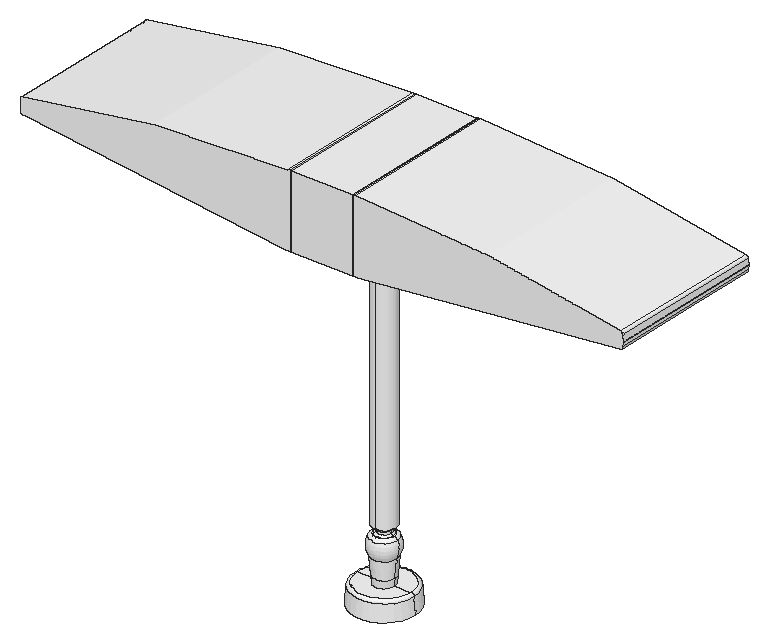
Revit family "Pendant CLED10-13", category Lighting Fixtures, host Face, Revit 2014
Parameters (values of type "PLED10 - Cool")
  Wattage Comments = "0"
  Voltage = 0 V
  Vertical Field Angle Degrees = 0
  Vertical Beam Angle Degrees = 0
  Uniformat II Description = "Default - Load Type Catalog"
  Uniformat II (Assembly Code) = "Default - Load Type Catalog"
  URL Alternate 2 = "www.rabweb.com"
  URL Alternate 1 = "www.rabweb.com"
  URL = "www.rabled.com"
  UL / ULC Listing = "Default - Load Type Catalog"
  Type Mounting - Location [instance] = "Fixture Location Notes"
  Type Mark [instance] = "Mark as to Fixture Type"
  Type Comments = "Default - Load Type Catalog"
  Total Lumnaire Efficiency = "Default - Load Type Catalog"
  THD = "Default - Load Type Catalog"
  Swappable Fixture [instance] = PLED10 : PLED10
  Surge Protection kV = 0 V
  Starting Amps = 0 A
  Spacing Criteria Diagonal = 0
  Spacing Criteria 90-270 = 0
  Spacing Criteria 0-180 = 0
  Source = "Default - Load Type Catalog"
  Right Fixture Twist [instance] = if(FLIP Right Fixture, 270.00°, 90.00°)  # 90.00°
  RAB Ballast / Driver ID = "Default - Load Type Catalog"
  Product Model Number = "Default - Load Type Catalog"
  Product Line = "Default - Load Type Catalog"
  Product Description = "Default - Load Type Catalog"
  Photometric File Name = "Default - Load Type Catalog"
  Operating Amps = 0 A
  OmniClass Code [instance] = "Default - Load Type Catalog"
  OmciClass Description [instance] = "Default - Load Type Catalog"
  Number of Drivers = "Default - Load Type Catalog"
  Nominal Wattage = 0 W
  Nominal Color Temperature = 0 K
  NEMA Type = "Default - Load Type Catalog"
  Mounting Configuration = "Default - Load Type Catalog"
  Model = Product Model Number  # "Default - Load Type Catalog"
  Min Starting Temp = -40 °F
  Mean Source Lumens or L70 Point = 0 lm
  Max Ambient Temp = 104 °F
  Masterformat 2004 Divison of Work = "Default - Load Type Catalog"
  Master Foramt 2004 (Keynote) = "Default - Load Type Catalog"
  Manufacturer = "RAB Lighting, Inc."
  Luminious Aperture Appearance = Glass-RAB Lighting-LED ON
  Luminiare Efficacy Rating LER = 0 lm/W
  Lumens per Watt = 0 lm/W
  Longitudinal Classification = "Default - Load Type Catalog"
  Lensing / Control Media = "Default - Load Type Catalog"
  Left Fixture Twist [instance] = if(FLIP Left Fixture, 270.00°, 90.00°)  # 90.00°
  Lamp Envelop = "Default - Load Type Catalog"
  Lamp Base = "Default - Load Type Catalog"
  Lamp = Source  # "Default - Load Type Catalog"
  Keynote = "Division 26"
  Input Wattage = 0 W
  Initial Source Lumens = 0 lm
  IP Rating = "Default - Load Type Catalog"
  IES Classification = "Default - Load Type Catalog"
  Horizontial Field Angle Degrees = 0
  Horizontal Beam Angle Degrees = 0
  Glass = none
  Fixture Weight lbs. = "Default - Load Type Catalog"
  Fixture Finish = Metal-RAB Lighting-Aluminum-White
  Fixture EPA Rating = "Default - Load Type Catalog"
  FLIP Right Fixture [instance] = no
  FLIP Left Fixture [instance] = no
  built-in parameter 1114216 [instance] = (empty or 0)
  Apparent Load = Operating Amps * Voltage  # 0 VA
  Fixture Arm Length [instance] = 1' - 0"
  Field Efficiency = "Default - Load Type Catalog"
  Description = Product Description  # "Default - Load Type Catalog"
  Default Elevation = 1' - 0"
  Data Datecode = "Date Revit Family Type was Created"
  Cutoff Classification = "Default - Load Type Catalog"
  Cost = 0
  Connector Description = "Default - Load Type Catalog"
  CRI a = "Default - Load Type Catalog"
  CRI 9 = "Default - Load Type Catalog"
  CIE Type = "Default - Load Type Catalog"
  Bolt Circle = "Default - Load Type Catalog"
  Beam Efficiency % = "Default - Load Type Catalog"
  Base Configuration = "Default - Load Type Catalog"
  Ballast ID / ANSI Spec = "Default - Load Type Catalog"
  Ballast Factor = 0
  Ballast / Driver Circuit = "Default - Load Type Catalog"
  BUG Rating = "Default - Load Type Catalog"
  Avg Rated Life - TM21 Life Expectancy = "Default - Load Type Catalog"
  Assembly Code = "D5020200"
  Anchor Bolts = "Default - Load Type Catalog"
  Absolute Color Temperature = 0 K
  ANSI Lamp Spec = "Default - Load Type Catalog"
Types (6): name | Swappable Fixture | Right Fixture Twist | Left Fixture Twist | FLIP Right Fixture | FLIP Left Fixture | Fixture Arm Length | Default Elevation
  (no name) | PLED10 : PLED10 | 90.00° | 90.00° | no | no | 1' - 0" | 1' - 0"
  PLED10 - Cool | PLED10 : PLED10 | 90.00° | 90.00° | no | no | 1' - 0" | 1' - 0"
  PLED10Y - Warm | PLED10Y : PLED10Y | 270.00° | 270.00° | yes | yes | 0' - 6" | 0' - 0"
  PLED13 | PLED13 : PLED13 | 270.00° | 270.00° | yes | yes | 0' - 6" | 0' - 0"
  PLED13N | PLED13N : PLED13N | 270.00° | 270.00° | yes | yes | 0' - 6" | 0' - 0"
  PLED13Y | PLED13Y : PLED13Y | 270.00° | 270.00° | yes | yes | 0' - 6" | 0' - 0"
Reference planes (in)
  plane 1 "Center (Front/Back)": y = 0
  plane 2 "mount base level": z = 0
  plane 3 "Center (Left/Right)": x = 0
  plane 4 "Arm base level": z = 0.6
  plane 5 "Connection Height start": z = 2.26963
  plane 6 "Fixture connection": z = 12
  plane 7 "Left Fixture Twist": x = -1.00013
  plane 8 "Right Fixture Twist": x = 0.99987
  plane 9: y = 2.5
  plane 10: y = -2.5
  plane 11: y = 4.75
  plane 12: y = -4.75
  plane 13: y = 4.5
  plane 14: y = -4.5
Forms (in)
  Extrusion 1, solid, material "Metal-RAB Lighting-Aluminum-White" <- "Fixture Finish"
    sketch origin (0, 0, 2.26963) x (0, -1, 0) y (1, 0, 0)
      loop
        circle (0, 0) r 0.3543
    from 0 to 8.55755
  Revolve 2, solid, material "Metal-RAB Lighting-Aluminum-White" <- "Fixture Finish"
    sketch origin (0, 0, 0) x (1, 0, 0) y (0, 0, 1)
      loop
        line (-0.95562, 0.50872) -> (-1.00013, 0) -> (0, 0) -> (0, 2.26963) -> (-0.35433, 2.26963) -> (-0.21654, 2.16639) -> (-0.21654, 2.08637)
        arc (-0.21654, 2.08637) -> (-0.24589, 2.0565) -> (-0.27116, 2.02311) r 0.32486
        line (-0.27116, 2.02311) -> (-0.32432, 2.02311)
        arc (-0.32432, 2.02311) -> (-0.38144, 1.98631) -> (-0.419, 1.92969) r 0.16586
        arc (-0.419, 1.92969) -> (-0.4667, 1.6613) -> (-0.38506, 1.40121) r 0.57334
        line (-0.38506, 1.40121) -> (-0.34501, 0.83247) -> (-0.32469, 0.6) -> (-0.856, 0.6)
        arc (-0.856, 0.6) -> (-0.92356, 0.57373) -> (-0.95562, 0.50872) r 0.1
      axis (0, 2.26963) -> (0, 0)
    angle from 0 to 360
  Extrusion 3, solid, material "Metal-RAB Lighting-Aluminum-White" <- "Fixture Finish"
    sketch origin (17.86239, -180, 12) x (0, -1, 0) y (-1, 0, 0)
      loop
        line (-182.5, 18.86252) -> (-182.5, 16.86252) -> (-177.5, 16.86252) -> (-177.5, 18.86252) -> (-182.5, 18.86252)
    from 1.17282 to -1.1521
  Extrusion 4, solid, material "Metal-RAB Lighting-Aluminum-White" <- "Fixture Finish", not visible
    sketch origin (0, 0, 2.26963) x (0, -1, 0) y (1, 0, 0)
      loop
        circle (0, 0) r 0.3543
    from 0 to 8.55755
  Revolve 5, solid, material "Metal-RAB Lighting-Aluminum-White" <- "Fixture Finish", not visible
    sketch origin (0, 0, 0) x (1, 0, 0) y (0, 0, 1)
      loop
        line (-0.95562, 0.50872) -> (-1.00013, 0) -> (0, 0) -> (0, 2.26963) -> (-0.35433, 2.26963) -> (-0.21654, 2.16639) -> (-0.21654, 2.08637)
        arc (-0.21654, 2.08637) -> (-0.24589, 2.0565) -> (-0.27116, 2.02311) r 0.32486
        line (-0.27116, 2.02311) -> (-0.32432, 2.02311)
        arc (-0.32432, 2.02311) -> (-0.38144, 1.98631) -> (-0.419, 1.92969) r 0.16586
        arc (-0.419, 1.92969) -> (-0.4667, 1.6613) -> (-0.38506, 1.40121) r 0.57334
        line (-0.38506, 1.40121) -> (-0.34501, 0.83247) -> (-0.32469, 0.6) -> (-0.856, 0.6)
        arc (-0.856, 0.6) -> (-0.92356, 0.57373) -> (-0.95562, 0.50872) r 0.1
      axis (0, 2.26963) -> (0, 0)
    angle from 0 to 360
  Extrusion 6, solid, material "Metal-RAB Lighting-Aluminum-White" <- "Fixture Finish", not visible
    sketch origin (17.86239, -180, 12) x (0, -1, 0) y (-1, 0, 0)
      loop
        line (-182.5, 18.86252) -> (-182.5, 16.86252) -> (-177.5, 16.86252) -> (-177.5, 18.86252) -> (-182.5, 18.86252)
    from 1.17282 to -1.1521
Dimensions and locks (in)
  "Fixture Arm Length": plane 6 "Fixture connection" to plane 2 "mount base level"
  plane 5 "Connection Height start" to plane 4 "Arm base level" to plane 2 "mount base level" = 0' - 1.66963" locked, 0' - 0.6" locked
  "Right Fixture Twist": angle nested 1 to plane 1 "Center (Front/Back)"
  "Right Fixture Twist": angle nested 4 to plane 1 "Center (Front/Back)"
  aligned and locked: plane 2 "mount base level" to host face
  aligned and locked: level to host face
  aligned and locked: plane 5 "Connection Height start" to Extrusion 1
  aligned and locked: Extrusion 1 to Extrusion 3
Automatic sketch dimensions
  host sketch curve to host sketch curve = 0' - 5.00175"
  host sketch curve to host sketch curve = 0' - 5"
  Revolve 2 sketch curve to Revolve 2 sketch curve = 0' - 0.09962"
  Revolve 2 sketch curve to Revolve 2 sketch curve = 0' - 0.35433"
  Revolve 2 sketch curve to Revolve 2 sketch curve = 0' - 0.02032"
  Revolve 2 sketch curve to Revolve 2 sketch curve = 0' - 0.03001"
  Revolve 2 sketch curve to Revolve 2 sketch curve = 0' - 0.05316"
  Revolve 2 sketch curve to Revolve 2 sketch curve = 0' - 0.00621"
  Revolve 2 sketch curve to Revolve 2 sketch curve = 0' - 0.05462"
  Revolve 2 sketch curve to Revolve 2 sketch curve = 0' - 0.1"
  Revolve 2 sketch curve to Revolve 2 sketch curve = 0' - 0.56874"
  Revolve 2 sketch curve to Revolve 2 sketch curve = 0' - 0.46834"
  Revolve 2 sketch curve to Revolve 2 sketch curve = 0' - 0.14615"
  Revolve 2 sketch curve to Revolve 2 sketch curve = 0' - 0.02404"
  Revolve 2 sketch curve to Revolve 2 sketch curve = 0' - 0.15487"
  Revolve 2 sketch curve to Revolve 2 sketch curve = 0' - 0.1065"
  Revolve 2 sketch curve to Revolve 2 sketch curve = 0' - 0 1/4"
  Revolve 2 sketch curve to Revolve 2 sketch curve = 0' - 0.04451"
  Revolve 2 sketch curve to Revolve 2 sketch curve = 0' - 0.47094"
  Revolve 2 sketch curve to Revolve 2 sketch curve = 0' - 0.03073"
  Revolve 2 sketch curve to Revolve 2 sketch curve = 0' - 0.51099"
  Revolve 2 sketch curve to Revolve 2 sketch curve = 0' - 0.26495"
  Revolve 2 sketch curve to Revolve 2 sketch curve = 0' - 0 27/256"
  Revolve 2 sketch curve to Revolve 2 sketch curve = 0' - 0 1/2"
  Revolve 2 sketch curve to Revolve 2 sketch curve = 0' - 0.23247"
  Revolve 2 sketch curve to Revolve 2 sketch curve = 0' - 0.29684"
  Revolve 2 sketch curve to Revolve 2 sketch curve = 0' - 0.10324"
  Revolve 2 sketch curve to Revolve 2 sketch curve = 0' - 0"
  Extrusion 3 sketch curve to Extrusion 3 sketch curve = 0' - 5"
  Extrusion 3 sketch curve to Extrusion 3 sketch curve = 0' - 2"
  Revolve 5 sketch curve to Revolve 5 sketch curve = 0' - 0.09962"
  Revolve 5 sketch curve to Revolve 5 sketch curve = 0' - 0.35433"
  Revolve 5 sketch curve to Revolve 5 sketch curve = 0' - 0.02032"
  Revolve 5 sketch curve to Revolve 5 sketch curve = 0' - 0.03001"
  Revolve 5 sketch curve to Revolve 5 sketch curve = 0' - 0.05316"
  Revolve 5 sketch curve to Revolve 5 sketch curve = 0' - 0.00621"
  Revolve 5 sketch curve to Revolve 5 sketch curve = 0' - 0.05462"
  Revolve 5 sketch curve to Revolve 5 sketch curve = 0' - 0.1"
  Revolve 5 sketch curve to Revolve 5 sketch curve = 0' - 0.56874"
  Revolve 5 sketch curve to Revolve 5 sketch curve = 0' - 0.46834"
  Revolve 5 sketch curve to Revolve 5 sketch curve = 0' - 0.14615"
  Revolve 5 sketch curve to Revolve 5 sketch curve = 0' - 0.02404"
  Revolve 5 sketch curve to Revolve 5 sketch curve = 0' - 0.15487"
  Revolve 5 sketch curve to Revolve 5 sketch curve = 0' - 0.1065"
  Revolve 5 sketch curve to Revolve 5 sketch curve = 0' - 0 1/4"
  Revolve 5 sketch curve to Revolve 5 sketch curve = 0' - 0.04451"
  Revolve 5 sketch curve to Revolve 5 sketch curve = 0' - 0.47094"
  Revolve 5 sketch curve to Revolve 5 sketch curve = 0' - 0.03073"
  Revolve 5 sketch curve to Revolve 5 sketch curve = 0' - 0.51099"
  Revolve 5 sketch curve to Revolve 5 sketch curve = 0' - 0.26495"
  Revolve 5 sketch curve to Revolve 5 sketch curve = 0' - 0 27/256"
  Revolve 5 sketch curve to Revolve 5 sketch curve = 0' - 0 1/2"
  Revolve 5 sketch curve to Revolve 5 sketch curve = 0' - 0.23247"
  Revolve 5 sketch curve to Revolve 5 sketch curve = 0' - 0.29684"
  Revolve 5 sketch curve to Revolve 5 sketch curve = 0' - 0.10324"
  Revolve 5 sketch curve to Revolve 5 sketch curve = 0' - 0"
  Extrusion 6 sketch curve to Extrusion 6 sketch curve = 0' - 5"
  Extrusion 6 sketch curve to Extrusion 6 sketch curve = 0' - 2"
  plane 1 "Center (Front/Back)" to Extrusion 1 sketch curve = 0' - 0"
  Extrusion 1 sketch curve to plane 3 "Center (Left/Right)" = 0' - 0"
  Revolve 2 sketch curve to level = 0' - 0"
  plane 7 "Left Fixture Twist" to Revolve 2 sketch curve = 0' - 0"
  Extrusion 3 sketch curve to plane 8 "Right Fixture Twist" = 0' - 0"
  plane 9 to Extrusion 3 sketch curve = 0' - 0"
  radius of Extrusion 1 sketch curve = 0' - 0.3543"
  radius of Extrusion 4 sketch curve = 0' - 0.3543"
Nested families (in)
  nested 1: "PLED10" at (0.99987, 0, 12.01036) x (0, 0, -1) z (1, 0, 0), type <- "Swappable Fixture", built-in parameter 1001360 <- "Fixture Arm Length", type "PLED10"
    with Type Mounting - Location "Fixture Location Notes", Type Mark "Mark as to Fixture Type", OmniClass Code "Default - Load Type Catalog", OmciClass Description "Default - Load Type Catalog", Max Pole Load Rating "Default - Load Type Catalog"
  nested 2: "PLED10" at (0.99987, 0, 12.01036) x (0, 0, -1) z (1, 0, 0), type <- "Swappable Fixture", built-in parameter 1001360 <- "Fixture Arm Length", type "PLED10", not visible
    with Type Mounting - Location "Fixture Location Notes", Type Mark "Mark as to Fixture Type", OmniClass Code "Default - Load Type Catalog", OmciClass Description "Default - Load Type Catalog", Max Pole Load Rating "Default - Load Type Catalog", built-in parameter 1114216 (empty or 0)
  nested 3: "PLED10" at (-1.00013, 0, 12.00997) x (0, 0, -1) z (-1, 0, 0), type "PLED10", not visible
    with Type Mounting - Location "Fixture Location Notes", Type Mark "Mark as to Fixture Type", OmniClass Code "Default - Load Type Catalog", OmciClass Description "Default - Load Type Catalog", Max Pole Load Rating "Default - Load Type Catalog", built-in parameter 1114216 (empty or 0)
  nested 4: "PLED10" at (-1.00013, 0.00006, 12.01036) x (0, 0, -1) z (-1, 0, 0), built-in parameter 1001360 <- "Fixture Arm Length", type <- "Swappable Fixture", type "PLED10"
    with Type Mounting - Location "Fixture Location Notes", Type Mark "Mark as to Fixture Type", OmniClass Code "Default - Load Type Catalog", OmciClass Description "Default - Load Type Catalog", Max Pole Load Rating "Default - Load Type Catalog", built-in parameter 1114216 (empty or 0)
Definition of nested family "PLED10"
  Parameters (values of type "PLED10")
    Wattage Comments = "0"
    Wattage = 25.7 W
    built-in parameter 1150110 = 1 (stored number, unit not read)
    Voltage = 0 V
    Vertical Field Angle Degrees = 0
    Vertical Beam Angle Degrees = 0
    Uniformat II Description = "Default - Load Type Catalog"
    Uniformat II (Assembly Code) = "Default - Load Type Catalog"
    URL Alternate 2 = "www.rabweb.com"
    URL Alternate 1 = "www.rabweb.com"
    URL = "www.rabled.com"
    UL / ULC Listing = "Default - Load Type Catalog"
    Type Mounting - Location [instance] = "Fixture Location Notes"
    Type Mark [instance] = "Mark as to Fixture Type"
    Type Comments = "Default - Load Type Catalog"
    Total Lumnaire Efficiency = "Default - Load Type Catalog"
    built-in parameter 1114217 = 1 (stored number, unit not read)
    Tilt Angle = -180.00°
    built-in parameter 1150109 = 1 (stored number, unit not read)
    built-in parameter 1150134 = 2
    THD = "Default - Load Type Catalog"
    Surge Protection kV = 0 V
    built-in parameter 1150113 = 1 (stored number, unit not read)
    Starting Amps = 0 A
    Spacing Criteria Diagonal = 0
    Spacing Criteria 90-270 = 0
    Spacing Criteria 0-180 = 0
    Source = "Default - Load Type Catalog"
    RAB Ballast / Driver ID = "Default - Load Type Catalog"
    Product Model Number = "Default - Load Type Catalog"
    Product Line = "Default - Load Type Catalog"
    Product Description = "Default - Load Type Catalog"
    Pole Wall Thickness ga. = "Default - Load Type Catalog"
    Pole Finish = none
    Photometric Web File = "PLED2x10-Cool - LSI27576REV.IES"
    Photometric File Name = "Default - Load Type Catalog"
    Operating Amps = 0 A
    OmniClass Code [instance] = "Default - Load Type Catalog"
    OmciClass Description [instance] = "Default - Load Type Catalog"
    Number of Drivers = "Default - Load Type Catalog"
    Nominal Wattage = 0 W
    Nominal Color Temperature = 0 K
    NEMA Type = "Default - Load Type Catalog"
    Mounting Configuration = "Default - Load Type Catalog"
    Model = Product Model Number  # "Default - Load Type Catalog"
    Min Starting Temp = -40 °F
    Mean Source Lumens or L70 Point = 0 lm
    Max Pole Load Rating [instance] = "Default - Load Type Catalog"
    Max Pole EPA Rating = "Default - Load Type Catalog"
    Max Ambient Temp = 104 °F
    Masterformat 2004 Divison of Work = "Default - Load Type Catalog"
    Master Foramt 2004 (Keynote) = "Default - Load Type Catalog"
    Manufacturer = "RAB Lighting, Inc."
    built-in parameter 1150105 = 401.88 (stored number, unit not read)
    Lumens = 1045.22 lm
    Luminious Aperture Appearance = Glass-RAB Lighting-LED ON
    Luminiare Efficacy Rating LER = 0 lm/W
    built-in parameter 1150115 = 1 (stored number, unit not read)
    Lumens per Watt = 0 lm/W
    Longitudinal Classification = "Default - Load Type Catalog"
    built-in parameter 1150137 = (empty or 0)
    built-in parameter 1150139 = (empty or 0)
    Lensing / Control Media = "Default - Load Type Catalog"
    built-in parameter 1150112 = 1 (stored number, unit not read)
    built-in parameter 1150114 = 1 (stored number, unit not read)
    Lamp Envelop = "Default - Load Type Catalog"
    Lamp Base = "Default - Load Type Catalog"
    Lamp = Source  # "Default - Load Type Catalog"
    Keynote = "Division 26"
    Input Wattage = 0 W
    Initial Source Lumens = 0 lm
    built-in parameter 1150132 = (empty or 0)
    built-in parameter 1150102 = (empty or 0)
    built-in parameter 1150107 = 5000 (stored number, unit not read)
    built-in parameter 1150138 = (empty or 0)
    built-in parameter 1150106 = 4.0188 (stored number, unit not read)
    IP Rating = "Default - Load Type Catalog"
    IES Width Location = 1' - 1"
    IES Length Location = 0' - 0"
    IES Classification = "Default - Load Type Catalog"
    Horizontial Field Angle Degrees = 0
    Horizontal Beam Angle Degrees = 0
    Glass = none
    Fixture Width Nominal = 0' - 0"
    Fixture Weight lbs. = "Default - Load Type Catalog"
    Fixture Length Nominal = 0' - 0"
    Fixture Finish = Metal-RAB Lighting-Aluminum-White
    Fixture EPA Rating = "Default - Load Type Catalog"
    Fixture Depth Nominal = 0' - 0"
    Field Efficiency = "Default - Load Type Catalog"
    built-in parameter 1150104 = 3.7784 (stored number, unit not read)
    Dimming Lamp Color Temperature Shift = (empty or 0)
    Description = Product Description  # "Default - Load Type Catalog"
    Default Elevation = 4' - 0"
    Data Datecode = "Date Revit Family Type was Created"
    Cutoff Classification = "Default - Load Type Catalog"
    Cost = 0
    Connector Description = "Default - Load Type Catalog"
    Color Filter = 16777215
    built-in parameter 1114216 [instance] = (empty or 0)
    CRI a = "Default - Load Type Catalog"
    CRI 9 = "Default - Load Type Catalog"
    CIE Type = "Default - Load Type Catalog"
    Bolt Circle = "Default - Load Type Catalog"
    Beam Efficiency % = "Default - Load Type Catalog"
    Base Configuration = "Default - Load Type Catalog"
    built-in parameter 1114218 = 1 (stored number, unit not read)
    Ballast ID / ANSI Spec = "Default - Load Type Catalog"
    Ballast Factor = 0
    Ballast / Driver Circuit = "Default - Load Type Catalog"
    BUG Rating = "Default - Load Type Catalog"
    Avg Rated Life - TM21 Life Expectancy = "Default - Load Type Catalog"
    built-in parameter 1150133 = 10 (stored number, unit not read)
    Assembly Code = "D5020200"
    Apparent Load = Operating Amps * Voltage  # 0 VA
    Anchor Bolts = "Default - Load Type Catalog"
    Absolute Color Temperature = 0 K
    ANSI Lamp Spec = "Default - Load Type Catalog"
  Reference planes (in)
    plane 1 "Center (Front/Back)": y = 0
    plane 2 "Front": z = 0
    plane 3 "Center (Left/Right)": x = 0
  Forms (in)
    Extrusion 1, solid
      sketch origin (0, 0, 0) x (1, 0, 0) y (0, 1, 0)
        loop
          line (-1.1521, 2.5) -> (-1.1521, -2.5) -> (1.17282, -2.5) -> (1.17282, 2.5) -> (-1.1521, 2.5)
      from 0 to -0.5993
    Extrusion 2, solid, material "Metal-RAB Lighting-Aluminum-White" <- "Fixture Finish"
      sketch origin (0, 2.5, 0) x (1, 0, 0) y (0, 0, 1)
        loop
          arc (-0.25701, 8.57376) -> (-0.93197, 4.35021) -> (-1.1521, 0.07874) r 40
          line (-1.1521, 0.07874) -> (-1.1521, 0) -> (1.17282, 0) -> (1.17282, 0.15874)
          arc (1.17282, 0.15874) -> (0.52037, 4.33537) -> (0.26271, 8.55479) r 45
          arc (0.26271, 8.55479) -> (0.23422, 8.6233) -> (0.16638, 8.65333) r 0.1
          line (0.16638, 8.65333) -> (0.05137, 8.65874) -> (0.01137, 8.65874) -> (-0.16274, 8.65266)
          arc (-0.16274, 8.65266) -> (-0.22343, 8.62941) -> (-0.25701, 8.57376) r 0.1
      from 0 to 5
    Extrusion 3, void
      sketch origin (0, 2, 0) x (1, 0, 0) y (0, 0, 1)
        loop
          line (0.31363, 8.08006) -> (0.1886, 8.08006)
          arc (0.1886, 8.08006) -> (0.41415, 4.48733) -> (0.92537, 0.92402) r 45.125
          line (0.92537, 0.92402) -> (1.05248, 0.92402)
          arc (1.05248, 0.92402) -> (0.53983, 4.48725) -> (0.31363, 8.08006) r 45
      from 0 to 4
    Extrusion 4, solid, material "Glass-RAB Lighting-LED ON" <- "Luminious Aperture Appearance"
      sketch origin (-0.08852, 2, 0) x (1, 0, 0) y (0, 0, 1)
        loop
          line (0.31363, 8.08006) -> (0.1886, 8.08006)
          arc (0.1886, 8.08006) -> (0.41415, 4.48733) -> (0.92537, 0.92402) r 45.125
          line (0.92537, 0.92402) -> (1.05248, 0.92402)
          arc (1.05248, 0.92402) -> (0.53983, 4.48725) -> (0.31363, 8.08006) r 45
      from 0 to 4
  Cuts and joins
    Extrusion 3 cuts Extrusion 2
  Dimensions and locks (in)
    aligned and locked: plane 2 "Front" to Extrusion 1
    aligned and locked: level to Extrusion 1
